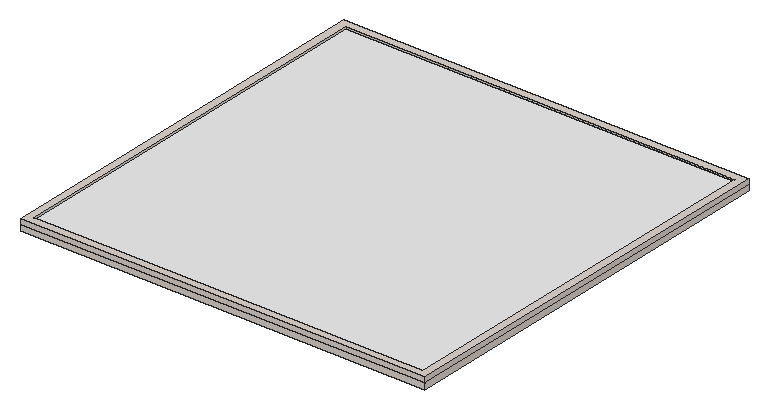
Revit family "SKY LED FLAT PANEL", category Lighting Fixtures, host Face, Revit 2020 (continued)
Types (13): name | Wattage | WATTS | built-in parameter 1150134 | Replaces/Equiv.(MH) | Photometric Web File | Order number | built-in parameter 1150142 | Model | built-in parameter 1150105 | Lumens | built-in parameter 1150107 | built-in parameter 1150106 | Fixture Width | Fixture Length | Default Elevation | Apparent Load
    .84     1.89     1.92     1.95     1.99     2.03     2.06     2.12     2.17     2.23     \r\n 2.29     2.35     2.41     2.46     2.52     2.57     2.62     2.66     2.70     2.72     \r\n 2.74     2.76     2.78     2.79     2.80     2.81     2.81     2.81     2.81     2.82     \r\n 2.81     2.81     2.81     2.80     2.80     2.79     2.78     2.78     2.77     2.77     \r\n 2.76     2.76     2.77     2.77     2.77     2.77     2.80     2.83     2.85     2.87     \r\n 2.87     2.88     2.90     2.92     2.93     2.95     2.97     2.99     3.02     3.04     \r\n 3.07     3.10     3.13     3.16     3.19     3.22     3.25     3.28     3.30     3.33     \r\n 3.36     3.38     3.40     3.42     3.44     3.44     3.44     3.45     3.44     3.44     \r\n 3.08     \r\n1216.96  1217.11  1216.22  1214.63  1214.42  1210.79  1208.09  1206.38  1203.99  1199.41  \r\n 1195.66  1191.07  1186.43  1181.35  1175.42  1169.56  1162.49  1157.25  1149.04  1142.83  \r\n 1134.07  1125.26  1117.56  1108.15  1098.26  1087.27  1078.32  1068.04  1057.06  1044.64  \r\n 1032.72  1021.53  1009.76  997.25   982.36   969.98   956.21   941.66   926.45   912.59   \r\n 896.99   881.78   867.00   850.85   834.98   818.49   801.50   783.56   766.57   748.93   \r\n 731.08   713.47   695.38   676.03   658.10   639.68   619.90   600.45   581.46   561.75   \r\n 542.30   522.19   501.81   481.26   461.16   441.43   420.79   400.10   380.02   359.45   \r\n 339.19   319.09   299.01   279.15   259.39   239.23   220.17   201.14   182.26   163.89   \r\n 146.14   128.39   111.25   94.48    78.36    62.93    47.77    33.39    19.34    7.24     \r\n 1.47     1.14     1.22     1.31     1.40     1.48     1.57     1.65     1.73     1.81     \r\n 1.86     1.91     1.95     1.98     2.02     2.05     2.09     2.14     2.18     2.24     \r\n 2.30     2.36     2.42     2.48     2.54     2.59     2.64     2.69     2.74     2.77     \r\n 2.80     2.82     2.83     2.85     2.85     2.87     2.87     2.88     2.87     2.87     \r\n 2.87     2.87     2.87     2.87     2.87     2.87     2.87     2.87     2.87     2.87     \r\n 2.87     2.87     2.88     2.88     2.88     2.90     2.93     2.96     3.01     3.03     \r\n 3.05     3.07     3.09     3.11     3.14     3.16     3.19     3.21     3.24     3.26     \r\n 3.31     3.33     3.36     3.39     3.41     3.43     3.45     3.46     3.46     3.46     \r\n 3.45     3.45     3.45     3.45     3.44     3.45     3.44     3.44     3.45     3.45     \r\n 3.08     \r\n1216.96  1216.73  1217.67  1215.14  1213.75  1212.88  1210.16  1207.33  1203.86  1200.74  \r\n 1195.28  1191.70  1187.14  1182.44  1176.35  1171.54  1163.09  1157.24  1150.85  1142.32  \r\n 1134.75  1127.29  1116.83  1109.12  1099.95  1090.56  1080.56  1068.90  1058.33  1046.83  \r\n 1035.16  1023.00  1010.35  997.98   985.90   972.82   959.02   945.67   930.24   916.99   \r\n 901.04   887.68   870.79   855.52   840.23   824.31   807.33   790.92   774.22   755.91   \r\n 738.40   720.66   702.56   684.37   665.55   646.32   628.23   608.52   589.54   569.29   \r\n 550.34   529.72   509.63   490.12   469.92   449.23   429.08   407.89   388.23   366.94   \r\n 346.76   326.44   306.38   286.39   265.78   246.72   226.82   207.85   188.90   170.54   \r\n 152.43   134.33   117.13   100.11   83.93    68.15    52.90    38.07    23.67    10.29    \r\n 2.03     1.02     1.09     1.18     1.27     1.35     1.43     1.51     1.60     1.68     \r\n 1.73     1.78     1.81     1.85     1.88     1.91     1.94     1.97     2.02     2.07     \r\n 2.12     2.18     2.24     2.29     2.35     2.41     2.46     2.51     2.55     2.60     \r\n 2.63     2.65     2.67     2.69     2.71     2.72     2.74     2.76     2.78     2.79     \r\n 2.81     2.83     2.84     2.86     2.87     2.89     2.91     2.93     2.94     2.96     \r\n 2.98     3.00     3.02     3.04     3.06     3.09     3.11     3.14     3.16     3.19     \r\n 3.22     3.24     3.27     3.29     3.31     3.34     3.37     3.39     3.42     3.45     \r\n 3.49     3.52     3.53     3.54     3.53     3.53     3.53     3.53     3.53     3.53     \r\n 3.53     3.54     3.54     3.54     3.54     3.55     3.54     3.54     3.54     3.55     \r\n 3.08     \r\n1216.96  1218.36  1217.17  1216.50  1215.78  1214.02  1210.26  1207.77  1205.40  1202.72  \r\n 1197.35  1194.58  1189.23  1183.77  1178.05  1173.74  1168.37  1160.75  1152.55  1146.68  \r\n 1138.83  1129.76  1122.44  1112.92  1104.93  1094.50  1084.31  1073.80  1064.15  1051.84  \r\n 1040.42  1028.13  1016.48  1003.98  991.90   978.01   965.41   951.52   937.53   921.79   \r\n 908.78   893.36   878.36   861.35   845.43   829.72   811.99   796.14   778.70   760.97   \r\n 743.58   725.79   707.65   689.07   669.24   650.71   631.76   612.06   592.81   572.13   \r\n 553.12   532.89   512.66   491.66   471.76   451.61   430.39   409.76   389.31   368.76   \r\n 347.90   327.81   306.87   286.81   266.47   246.71   226.88   208.06   188.52   170.37   \r\n 151.49   133.76   116.04   99.26    82.54    67.33    52.11    37.48    22.85    9.62     \r\n 1.97     1.05     1.10     1.19     1.28     1.36     1.43     1.52     1.60     1.67     \r\n 1.72     1.77     1.81     1.84     1.88     1.91     1.94     1.99     2.03     2.08     \r\n 2.14     2.19     2.25     2.31     2.36     2.41     2.47     2.51     2.56     2.60     \r\n 2.62     2.64     2.66     2.68     2.70     2.71     2.72     2.73     2.74     2.75     \r\n 2.76     2.77     2.78     2.79     2.80     2.81     2.82     2.83     2.84     2.86     \r\n 2.87     2.89     2.91     2.92     2.94     2.96     2.98     3.01     3.03     3.06     \r\n 3.09     3.11     3.14     3.17     3.19     3.22     3.25     3.28     3.30     3.32     \r\n 3.35     3.38     3.42     3.44     3.46     3.47     3.49     3.50     3.49     3.49     \r\n 3.49     3.49     3.49     3.48     3.49     3.49     3.49     3.49     3.50     3.51     \r\n 3.08     \r\n1216.96  1215.69  1216.51  1215.74  1215.65  1214.02  1211.00  1210.90  1206.29  1202.59  \r\n 1200.80  1194.92  1192.47  1187.46  1181.93  1175.57  1170.81  1164.82  1156.91  1150.29  \r\n 1142.43  1134.59  1126.97  1118.91  1109.58  1100.79  1090.90  1080.41  1071.09  1058.67  \r\n 1048.51  1037.07  1025.18  1011.99  1000.60  987.49   973.81   960.53   945.39   932.87   \r\n 916.80   903.26   885.84   871.20   855.39   837.84   821.48   804.53   787.04   769.09   \r\n 751.32   732.54   714.76   696.68   677.63   658.13   638.70   618.61   599.05   578.92   \r\n 558.30   539.07   517.78   497.49   477.16   456.16   435.62   414.42   393.93   372.70   \r\n 352.86   331.97   311.60   291.06   270.25   250.66   230.76   211.89   192.18   173.51   \r\n 155.24   136.97   119.33   102.05   85.61    69.58    54.31    39.15    24.89    11.43    \r\n 2.66     1.08     1.09     1.16     1.25     1.33     1.40     1.47     1.54     1.62     \r\n 1.67     1.71     1.76     1.79     1.83     1.87     1.91     1.96     2.01     2.06     \r\n 2.12     2.18     2.23     2.29     2.34     2.39     2.44     2.48     2.53     2.55     \r\n 2.58     2.60     2.62     2.64     2.65     2.66     2.67     2.68     2.69     2.70     \r\n 2.70     2.70     2.71     2.72     2.72     2.72     2.72     2.73     2.74     2.74     \r\n 2.74     2.75     2.76     2.77     2.78     2.80     2.82     2.83     2.85     2.87     \r\n 2.89     2.91     2.93     2.96     2.98     3.00     3.03     3.06     3.09     3.12     \r\n 3.16     3.18     3.21     3.24     3.27     3.30     3.33     3.36     3.38     3.41     \r\n 3.43     3.44     3.45     3.45     3.46     3.46     3.45     3.46     3.46     3.46     \r\n 3.08     \r\n1216.96  1219.09  1218.11  1217.67  1217.48  1216.44  1215.10  1211.41  1210.15  1206.60  \r\n 1204.16  1200.23  1195.34  1192.40  1186.58  1182.10  1177.39  1169.82  1163.21  1156.61  \r\n 1150.33  1143.01  1135.60  1127.52  1118.51  1108.38  1099.55  1089.93  1079.50  1068.10  \r\n 1058.12  1045.25  1035.04  1022.39  1008.47  994.78   981.18   968.71   952.86   937.33   \r\n 922.94   907.16   890.98   874.94   858.50   841.87   824.78   807.48   788.97   771.13   \r\n 753.79   734.72   716.36   697.77   678.81   659.94   640.04   619.98   600.27   579.32   \r\n 559.77   539.51   518.63   498.56   477.03   456.62   435.50   415.07   394.03   373.14   \r\n 352.43   331.57   310.97   290.56   270.04   250.08   230.08   210.90   191.29   172.66   \r\n 153.59   135.64   117.95   100.94   83.96    68.49    53.03    38.21    23.80    10.62    \r\n 2.37     1.10     1.10     1.17     1.26     1.32     1.39     1.47     1.54     1.60     \r\n 1.65     1.69     1.74     1.78     1.82     1.86     1.91     1.96     2.01     2.07     \r\n 2.13     2.18     2.24     2.29     2.34     2.39     2.43     2.46     2.49     2.52     \r\n 2.54     2.56     2.58     2.59     2.60     2.61     2.62     2.62     2.63     2.63     \r\n 2.63     2.63     2.64     2.64     2.64     2.64     2.64     2.64     2.64     2.64     \r\n 2.65     2.65     2.66     2.66     2.66     2.66     2.66     2.66     2.66     2.67     \r\n 2.68     2.69     2.70     2.72     2.73     2.74     2.76     2.78     2.80     2.82     \r\n 2.85     2.87     2.89     2.91     2.92     2.94     2.97     2.99     3.02     3.05     \r\n 3.07     3.10     3.12     3.15     3.17     3.19     3.21     3.23     3.24     3.26     \r\n 3.08     \r\n1216.96  1217.84  1218.48  1218.49  1216.59  1215.56  1214.05  1214.05  1211.00  1207.43  \r\n 1205.44  1202.48  1199.14  1193.94  1190.60  1184.71  1180.49  1175.04  1167.83  1162.14  \r\n 1155.66  1149.75  1141.35  1134.05  1125.49  1116.63  1107.01  1095.56  1086.10  1074.09  \r\n 1063.53  1051.91  1038.93  1027.69  1012.50  999.63   985.29   972.09   957.39   941.17   \r\n 925.94   909.79   894.55   879.41   861.67   845.01   827.72   810.88   792.77   774.31   \r\n 757.44   737.70   720.25   700.45   681.80   662.45   643.79   623.29   603.62   583.67   \r\n 563.18   542.89   522.76   501.74   481.40   460.18   439.67   418.40   397.51   376.56   \r\n 355.33   334.96   314.01   293.96   273.22   253.12   232.73   213.38   194.25   175.18   \r\n 156.60   138.04   120.60   103.20   86.62    70.46    55.01    40.05    25.77    12.45    \r\n 3.09     1.13     1.11     1.20     1.27     1.34     1.41     1.49     1.55     1.60     \r\n 1.64     1.68     1.71     1.75     1.80     1.84     1.90     1.96     2.02     2.07     \r\n 2.12     2.18     2.23     2.28     2.33     2.36     2.39     2.42     2.45     2.47     \r\n 2.49     2.51     2.52     2.53     2.54     2.55     2.55     2.56     2.56     2.56     \r\n 2.56     2.56     2.56     2.54     2.53     2.51     2.49     2.47     2.46     2.45     \r\n 2.45     2.46     2.46     2.47     2.47     2.48     2.49     2.50     2.52     2.54     \r\n 2.56     2.58     2.59     2.61     2.64     2.67     2.69     2.71     2.73     2.75     \r\n 2.78     2.79     2.82     2.83     2.85     2.86     2.88     2.90     2.91     2.94     \r\n 2.96     2.98     3.00     3.02     3.04     3.07     3.09     3.10     3.12     3.14     \r\n 3.08     \r\n1216.96  1218.08  1218.35  1218.65  1218.04  1217.34  1216.06  1215.25  1213.38  1210.46  \r\n 1208.43  1205.59  1202.20  1199.25  1195.46  1191.08  1184.77  1178.57  1174.67  1167.33  \r\n 1161.55  1153.85  1145.52  1136.86  1128.47  1119.84  1109.54  1098.02  1087.38  1074.37  \r\n 1064.71  1051.91  1039.72  1026.01  1012.85  998.85   984.92   970.50   955.94   941.41   \r\n 924.67   908.84   893.97   876.57   861.33   844.52   826.87   809.65   791.41   773.45   \r\n 755.55   736.63   719.02   699.60   679.82   661.48   642.17   621.35   602.29   581.58   \r\n 562.47   541.20   521.34   499.79   479.60   458.49   437.74   416.66   395.51   374.96   \r\n 353.28   333.22   311.98   291.90   271.14   251.11   231.15   211.56   192.13   173.07   \r\n 154.34   136.29   118.37   101.34   84.33    68.92    53.52    38.96    24.58    11.71    \r\n 2.66     1.13     1.13     1.22     1.29     1.37     1.45     1.52     1.56     1.59     \r\n 1.62     1.66     1.70     1.76     1.81     1.87     1.93     1.99     2.04     2.09     \r\n 2.14     2.19     2.24     2.27     2.31     2.35     2.37     2.40     2.42     2.44     \r\n 2.46     2.47     2.48     2.49     2.50     2.51     2.51     2.52     2.52     2.52     \r\n 2.53     2.52     2.52     2.51     2.50     2.49     2.48     2.46     2.46     2.44     \r\n 2.44     2.43     2.44     2.44     2.45     2.46     2.46     2.48     2.50     2.51     \r\n 2.54     2.55     2.58     2.60     2.62     2.64     2.66     2.69     2.71     2.73     \r\n 2.75     2.77     2.79     2.81     2.82     2.84     2.85     2.87     2.88     2.89     \r\n 2.91     2.92     2.93     2.96     2.97     3.00     3.01     3.03     3.05     3.06     \r\n 3.08     \r\n1216.96  1218.10  1219.13  1217.88  1218.07  1218.56  1217.26  1216.58  1215.07  1212.75  \r\n 1212.01  1207.82  1204.29  1201.26  1197.24  1193.23  1187.55  1182.37  1177.50  1170.99  \r\n 1162.67  1155.82  1147.04  1138.54  1129.37  1119.75  1110.98  1098.03  1087.16  1076.56  \r\n 1065.73  1051.84  1040.54  1025.87  1013.52  999.32   985.80   971.56   956.75   942.28   \r\n 925.75   910.92   895.46   879.45   862.54   845.58   827.53   809.91   792.86   775.86   \r\n 757.53   738.89   720.10   701.64   682.04   662.01   643.37   623.14   603.22   582.64   \r\n 562.71   542.47   522.36   500.93   480.73   459.49   439.30   417.93   397.26   376.03   \r\n 355.73   334.79   313.99   293.52   272.95   253.00   232.41   213.43   194.02   175.03   \r\n 156.80   138.57   120.35   102.80   86.45    70.25    55.11    40.47    26.64    13.36    \r\n 3.35     1.05     1.11     1.19     1.28     1.36     1.42     1.46     1.49     1.53     \r\n 1.57     1.63     1.69     1.76     1.82     1.87     1.93     1.99     2.04     2.09     \r\n 2.13     2.18     2.22     2.25     2.28     2.32     2.34     2.37     2.39     2.41     \r\n 2.43     2.44     2.45     2.46     2.47     2.48     2.49     2.49     2.49     2.49     \r\n 2.50     2.50     2.49     2.50     2.50     2.50     2.50     2.49     2.49     2.48     \r\n 2.47     2.46     2.46     2.46     2.46     2.47     2.48     2.49     2.51     2.52     \r\n 2.54     2.56     2.57     2.59     2.60     2.63     2.64     2.67     2.68     2.71     \r\n 2.73     2.75     2.78     2.80     2.82     2.84     2.86     2.87     2.89     2.90     \r\n 2.92     2.93     2.93     2.95     2.96     2.97     2.98     3.00     3.01     3.02     \r\n 3.08     \r\n1216.96  1217.69  1217.72  1218.01  1218.22  1218.27  1216.69  1216.31  1214.99  1212.67  \r\n 1210.78  1208.09  1204.18  1201.75  1197.89  1194.27  1188.47  1182.85  1177.12  1169.36  \r\n 1163.02  1154.61  1145.54  1136.66  1128.80  1117.28  1108.15  1097.26  1086.67  1074.15  \r\n 1062.70  1049.30  1037.66  1023.29  1010.43  995.92   981.56   967.24   952.94   936.40   \r\n 921.15   906.00   889.52   873.76   855.32   839.46   822.83   805.00   786.74   769.49   \r\n 750.94   732.55   713.17   694.66   675.91   656.23   636.95   617.51   597.76   577.36   \r\n 557.55   536.73   516.84   495.75   475.29   454.92   433.81   413.21   392.14   371.70   \r\n 350.69   330.49   309.34   289.93   269.07   249.25   228.97   209.76   190.48   171.81   \r\n 153.16   135.23   117.36   100.45   83.54    68.41    53.28    39.19    25.49    12.30    \r\n 2.75     1.05     1.09     1.18     1.26     1.31     1.34     1.38     1.44     1.51     \r\n 1.58     1.64     1.71     1.77     1.83     1.89     1.94     1.99     2.04     2.08     \r\n 2.12     2.16     2.20     2.24     2.27     2.30     2.32     2.35     2.37     2.38     \r\n 2.40     2.42     2.44     2.44     2.46     2.46     2.47     2.48     2.48     2.49     \r\n 2.50     2.49     2.49     2.49     2.48     2.47     2.46     2.47     2.48     2.48     \r\n 2.49     2.50     2.50     2.50     2.51     2.51     2.52     2.53     2.54     2.55     \r\n 2.57     2.58     2.60     2.61     2.62     2.64     2.66     2.68     2.70     2.71     \r\n 2.73     2.76     2.78     2.80     2.82     2.84     2.86     2.88     2.90     2.92     \r\n 2.94     2.95     2.96     2.97     2.98     2.99     3.00     3.01     3.01     3.02     \r\n 3.08     \r\n1216.96  1216.96  1218.09  1218.38  1218.33  1218.28  1218.51  1216.84  1216.17  
